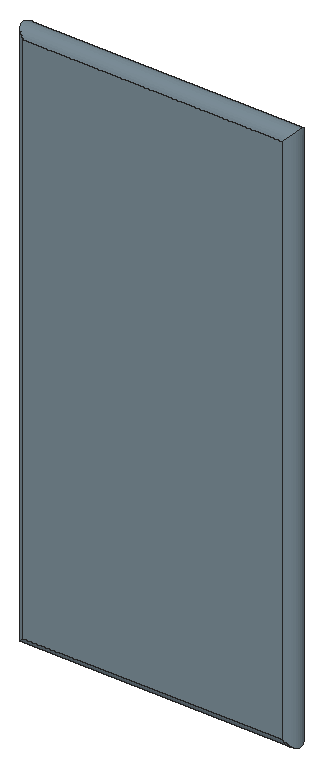
Revit family "FU_Modular_Sandler_Pau 1810PT", category Furniture, Revit 2020
Family settings
  OmniClass Number = 23.40.20.00
  OmniClass Title = General Furniture and Specialties
  Work Plane-Based = No
  Always vertical = Yes
  Cut with Voids When Loaded = No
  Shared = No
  Room Calculation Point = No
Parameters (values of type "PAU1810PT")
  Width = 600 mm
  URL = "https://www.sandlerseating.com/product/pau1810pt/"
  Thickness = 50 mm  # constant formula
  Panel Height = 1200 mm
  Panel Fabric [instance] = Fabric - Mainline Flax - Epping MLF51
  Model = "PAU1810PT"
  Manufacturer = "Sandler"
  Overall Elevation = 1300 mm
  Description = "Upholstered rear privacy screen for sofas and modules with backrest."
  Default Elevation = 0 mm
Types (6, lengths in mm): name | Width | URL | Panel Height | Panel Fabric | Model | Overall Elevation | Description
  PAU1810PT | 600 | "https://www.sandlerseating.com/product/pau1810pt/" | 1200 | Fabric - Mainline Flax - Epping MLF51 | "PAU1810PT" | 1300 | "Upholstered rear privacy screen for sofas and modules with backrest."
  ESC0824PT | 2400 | "https://www.sandlerseating.com/product/esc0824pt/" | 970 | none | "Escalas 0824PT" | 1200 | "Upholstered back side privacy panel."
  ESC0818PT | 1800 | "https://www.sandlerseating.com/product/esc0818pt/" | 970 | none | "ESCALAS 0818PT" | 1200 | "Upholstered back side privacy panel."
  ESC0816PT | 1600 | "https://www.sandlerseating.com/product/esc0816pt/" | 970 | none | "ESCALAS 0816PT" | 1200 | "Upholstered back side privacy panel."
  ESC0812PT | 1200 | "https://www.sandlerseating.com/product/esc0812pt/" | 970 | none | "ESCALAS 0812PT" | 1200 | "Upholstered back side privacy panel."
  ESC0820PT | 2000 | "https://www.sandlerseating.com/product/esc0820pt/" | 970 | none | "ESCALAS 0820PT" | 1200 | "Upholstered back side privacy panel."
Reference planes
  plane 1 "Center (Front/Back)": y = 0
  plane 2: z = 0
  plane 3 "Center (Left/Right)": x = 0
  plane 4 "Right": x = -300
  plane 5 "Left": x = 300
  plane 6 "Front": y = -25
  plane 7 "Back": y = 25
  plane 8 "Top": z = 1300
  plane 9 "Panel Base": z = 100
Forms (mm)
  Extrusion 1, solid, material "Fabric - Mainline Flax - Epping MLF51" <- "Panel Fabric"
    sketch origin (0, 0, 400) x (-1, 0, 0) y (0, 0, 1)
      loop
        line (-300, 900) -> (-300, -300) -> (300, -300) -> (300, 900) -> (-300, 900)
    from -25 to 25
  Sweep 2, void
    path in 3D
      loop
        line (-300, -25, 100) -> (300, -25, 100) -> (300, -25, 1300) -> (-300, -25, 1300) -> (-300, -25, 100)
    profile "Pro_Panel EdgeCut_10x50 : Pro_Panel EdgeCut_10x50" origin (-300, -25, 700) x (0, -1, 0) y (-1, 0, 0)
      loop
        line (20, -18.425) -> (20, 6.575) -> (-70, 6.575) -> (-70, -18.425)
        arc (-70, -18.425) -> (-60, -28.425) -> (-50, -18.425) r 10
        arc (-50, -18.425) -> (-25, 0) -> (0, -18.425) r 26.173
        arc (0, -18.425) -> (10, -28.425) -> (20, -18.425) r 10
Cuts and joins
  Sweep 2 cuts Extrusion 1
Lines and regions (mm)
  sketch lines
    curve 1: line (-300, -25, 1300) -> (-300, -25, 100)
    curve 2: line (300, -25, 1300) -> (-300, -25, 1300)
    curve 3: line (300, -25, 100) -> (300, -25, 1300)
    curve 4: line (-300, -25, 100) -> (300, -25, 100)
Dimensions and locks
  "Width": plane 4 "Right" to plane 5 "Left"
  equal spacing: plane 4 "Right", plane 3 "Center (Left/Right)", plane 5 "Left"
  equal spacing: plane 7 "Back", plane 1 "Center (Front/Back)", plane 6 "Front"
  "Thickness": plane 7 "Back" to plane 6 "Front"
  "Overall Elevation": plane 8 "Top" to level
  "Panel Height": plane 8 "Top" to plane 9 "Panel Base"
  aligned and locked: level to plane 2
  aligned and locked: plane 8 "Top" to Extrusion 1 sketch curve
  aligned and locked: Extrusion 1 sketch curve to plane 4 "Right"
  aligned and locked: plane 5 "Left" to Extrusion 1 sketch curve
  aligned and locked: Extrusion 1 sketch curve to plane 9 "Panel Base"
